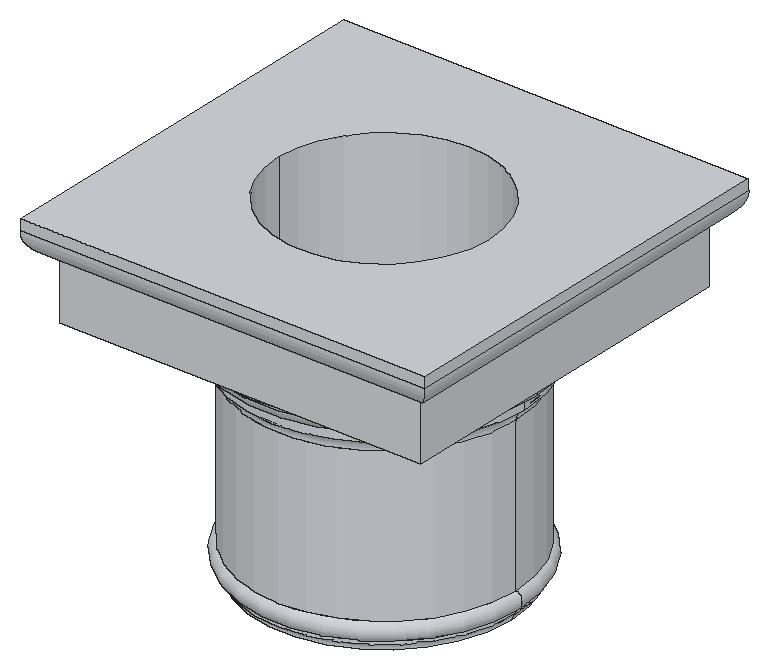
Revit family "OracDecor_K1112", category Обобщенные модели, Revit 2019
Family settings
  Может служить основой для арматурных стержней = Нет
  Размер круглого соединителя = Использовать диаметр
  Тип детали = Нормальный
  На основе рабочей плоскости = Нет
  Всегда вертикально = Да
  При загрузке вырезать с полостями = Нет
  Общий = Нет
  Точка расчета площади = Нет
Parameters
  Изготовитель = "Family from POCHERTEAM"  # constant formula
  URL = "t.me/pocherteam"
Reference planes
  plane 1 "По центру (Вперед/Назад)": y = 0
  plane 2: z = 0
  plane 3 "По центру (Влево/Вправо)": x = 0
Forms (mm)
  Sweep 1, solid
    path origin (0, -182, 0) x (1, 0, 0) y (0, 1, 0)
      loop
        line (0, 182) -> (0, -183) -> (365, -183) -> (365, 182) -> (0, 182)
    profile origin (0, -182.5, 0) x (1, 0, 0) y (0, 0, 1)
      loop
        line (40, 214) -> (40, 300) -> (0, 300) -> (0, 290)
        arc (0, 290) -> (5.752, 275.168) -> (20, 268.091) r 22
        line (20, 268.091) -> (20, 214) -> (40, 214)
  Extrusion 2, solid
    sketch origin (0, -182, 535) x (1, 0, 0) y (0, 1, 0)
      loop
        line (325, 142) -> (40, 142) -> (40, -143) -> (325, -143) -> (325, 142)
    from -321 to -235
  Revolve 3, solid
    sketch origin (0, -182.5, 0) x (1, 0, 0) y (0, 0, 1)
      loop
        line (182.5, 0) -> (182.5, 214) -> (30.513, 214) -> (30.513, 205.09)
        arc (30.513, 205.09) -> (38.69, 202.102) -> (43.014, 194.545) r 12.683
        arc (43.014, 194.545) -> (47.338, 186.988) -> (55.516, 184) r 12.683
        line (55.516, 184) -> (55.516, 174)
        arc (55.516, 174) -> (61.314, 169.631) -> (63.517, 162.714) r 11.961
        line (63.517, 162.714) -> (63.517, 25)
        arc (63.517, 25) -> (58.311, 17) -> (63.517, 9) r 8.75
        line (63.517, 9) -> (63.517, 6)
        arc (63.517, 6) -> (66.32, 3.539) -> (67.5, 0) r 7.141
        line (67.5, 0) -> (182.5, 0)
      axis (182.5, 0) -> (182.5, 214)
    angle from 0 to 360
  Extrusion 4, void
    sketch origin (0, 0, 0) x (1, 0, 0) y (0, 1, 0)
      loop
        circle (182.5, -182.5) r 95
    from 0 to 300
Cuts and joins
  Extrusion 4 cuts Sweep 1
  Extrusion 4 cuts Extrusion 2
  Extrusion 4 cuts Revolve 3
  joined: Sweep 1, Extrusion 2, Revolve 3
Dimensions and locks
  cut or joined group of Sweep 1, Extrusion 2, Revolve 3, Extrusion 4 to level = 300 mm
  cut or joined group of Sweep 1, Extrusion 2, Revolve 3, Extrusion 4 to cut or joined group of Sweep 1, Extrusion 2, Revolve 3, Extrusion 4 = 365 mm
  cut or joined group of Sweep 1, Extrusion 2, Revolve 3, Extrusion 4 to plane 1 "По центру (Вперед/Назад)" = 365 mm
  plane 3 "По центру (Влево/Вправо)" to cut or joined group of Sweep 1, Extrusion 2, Revolve 3, Extrusion 4 = 365 mm
  aligned and locked: level to plane 2
